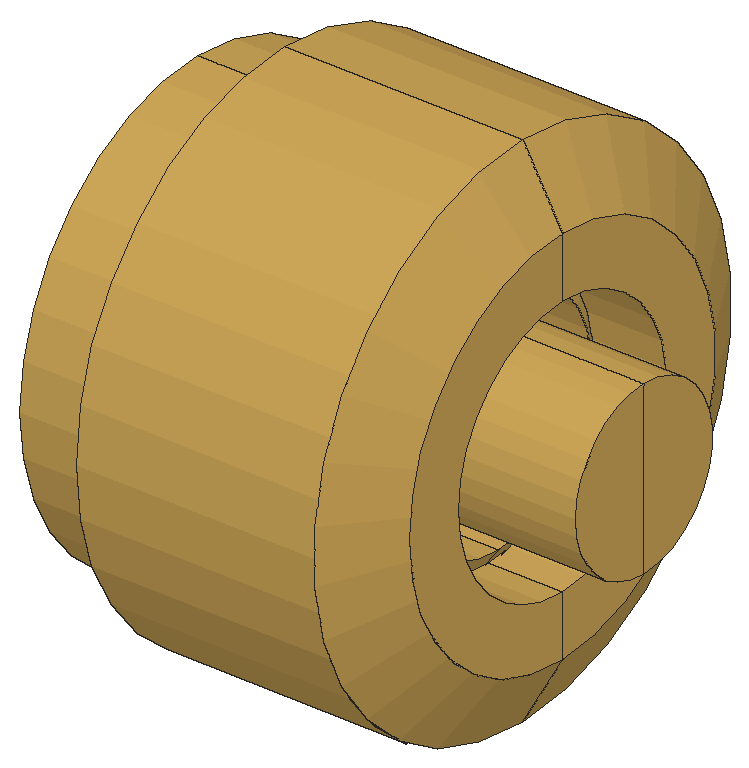
Revit family "6066_Kunststoffrohranschlüsse M 22 x 1,5 für PE-X, PB- und Alu-Verbundrohre", category Rohrformteile, Revit 2021
Family settings
  Bemaßung runder Anschluss = Durchmesser verwenden
  Teiletyp = Verbindung
  OmniClass-Nummer = 23.65.55.14
  OmniClass-Titel = Valves for Liquid Services
  Arbeitsebenenbasiert = Nein
  Immer vertikal = Ja
  Beim Laden mit Abzugskörper schneiden = Nein
  Gemeinsam genutzt = Nein
Parameters (values of type "14x2.0")
  W01 = 30.00°  # constant formula
  Vorgabe-Ansicht = 0.000 mm
  URL = "www.herz-armaturen.at"
  Tülle = "CW617N"  # constant formula
  TL04 [instance] = if(Nennweite_Klein = 14.000 mm, 17.600 mm, if(Nennweite_Klein = 16.000 mm, 17.600 mm, if(Nennweite_Klein = 17.000 mm, 17.600 mm, 0.000 mm)))  # 17.600 mm
  TL03 [instance] = if(Nennweite_Klein = 14.000 mm, 0.800 mm, if(Nennweite_Klein = 16.000 mm, 4.700 mm, if(Nennweite_Klein = 17.000 mm, 4.700 mm, 0.000 mm)))  # 0.800 mm
  TL02 [instance] = if(Nennweite_Klein = 14.000 mm, 10.000 mm, if(Nennweite_Klein = 16.000 mm, 12.500 mm, if(Nennweite_Klein = 17.000 mm, 12.500 mm, 0.000 mm)))  # 10.000 mm
  TL01 [instance] = if(Nennweite_Klein = 14.000 mm, 4.000 mm, if(Nennweite_Klein = 16.000 mm, 4.000 mm, if(Nennweite_Klein = 17.000 mm, 4.000 mm, 0.000 mm)))  # 4.000 mm
  TL00 [instance] = if(Nennweite_Klein = 14.000 mm, 25.000 mm, if(Nennweite_Klein = 16.000 mm, 27.500 mm, if(Nennweite_Klein = 17.000 mm, 27.500 mm, 0.000 mm)))  # 25.000 mm
  TD04 [instance] = if(Nennweite_Klein = 14.000 mm, 4.900 mm, if(Nennweite_Klein = 16.000 mm, 5.900 mm, if(Nennweite_Klein = 17.000 mm, 6.900 mm, 0.000 mm)))  # 4.900 mm
  TD03 [instance] = if(Nennweite_Klein = 14.000 mm, 7.250 mm, if(Nennweite_Klein = 16.000 mm, 8.150 mm, if(Nennweite_Klein = 17.000 mm, 8.650 mm, 0.000 mm)))  # 7.250 mm
  TD02 [instance] = if(Nennweite_Klein = 14.000 mm, 8.460 mm, if(Nennweite_Klein = 16.000 mm, 9.650 mm, if(Nennweite_Klein = 17.000 mm, 10.150 mm, 0.000 mm)))  # 8.460 mm
  TD01 [instance] = if(Nennweite_Klein = 14.000 mm, 9.500 mm, if(Nennweite_Klein = 16.000 mm, 11.000 mm, if(Nennweite_Klein = 17.000 mm, 11.000 mm, 0.000 mm)))  # 9.500 mm
  TD00 = 8.950 mm  # constant formula
  SCRNSEQ = "AWI;AWI_TYP=\"1001\";2"
  SCRNCODE = "07;01;02"  # constant formula
  S02 = 5.000 mm  # constant formula
  O-Ring = "EPDM"  # constant formula
  Nennweite_Klein [instance] = if([14x2.0], 14.000 mm, if([16x2.0], 16.000 mm, if([17x2.0], 17.000 mm, 0.000 mm)))  # 14.000 mm
  Nennweite = 20.000 mm  # constant formula
  Mutter = "CW617N, vernickelt, M22x1.5"  # constant formula
  Medium = "Heizungswasser nach ÖNORM H5195 oder VDI- Richtlinie 2035.\r\nDie Verwendung von Ethylen- oder Propyleneglykol in einem Mischungsverhältnis 25-50% ist zulässig."
  Max. Betriebstemperatur = 95 °C  # constant formula
  Max. Betriebsdruck = 1000000.0 Pa  # constant formula
  ML03 = 5.000 mm  # constant formula
  ML02 [instance] = if(Nennweite_Klein = 14.000 mm, 16.000 mm, if(Nennweite_Klein = 16.000 mm, 16.000 mm, if(Nennweite_Klein = 17.000 mm, 16.000 mm, 0.000 mm)))  # 16.000 mm
  ML01 [instance] = TL02 + KL01  # 15.300 mm
  ML00 [instance] = if(Nennweite_Klein = 14.000 mm, 21.000 mm, if(Nennweite_Klein = 16.000 mm, 21.000 mm, if(Nennweite_Klein = 17.000 mm, 21.000 mm, 0.000 mm)))  # 21.000 mm
  MD04 = 12.800 mm  # constant formula
  MD03 = 11.000 mm  # constant formula
  MD02 [instance] = if(Nennweite_Klein = 14.000 mm, 7.500 mm, if(Nennweite_Klein = 16.000 mm, 7.500 mm, if(Nennweite_Klein = 17.000 mm, 7.500 mm, 0.000 mm)))  # 7.500 mm
  MD01 = 10.250 mm  # constant formula
  MD00 [instance] = if(Nennweite_Klein = 14.000 mm, 15.000 mm, if(Nennweite_Klein = 16.000 mm, 15.000 mm, if(Nennweite_Klein = 17.000 mm, 15.000 mm, 0.000 mm)))  # 15.000 mm
  Klemmring = "CW617N"  # constant formula
  KL02 [instance] = (KL00 - KL01) / 2  # 1.350 mm
  KL01 [instance] = if(Nennweite_Klein = 14.000 mm, 5.300 mm, if(Nennweite_Klein = 16.000 mm, 5.300 mm, if(Nennweite_Klein = 17.000 mm, 5.300 mm, 0.000 mm)))  # 5.300 mm
  KL00 = 8.000 mm  # constant formula
  KH00 [instance] = if(Nennweite_Klein = 14.000 mm, 1.850 mm, if(Nennweite_Klein = 16.000 mm, 1.800 mm, if(Nennweite_Klein = 17.000 mm, 1.800 mm, 0.000 mm)))  # 1.850 mm
  Hinweiß zum Werkstoff = "Gemäß Art 33 der REACH-Verordnung (EG Nr. 1907/2006) sind wir verpflichtet, darauf hinzuweisen, dass der Stoff Blei auf der SVHC-Liste geführt wird und dass alle aus Messing bestehenden Bauteile, die in unseren Erzeugnissen verarbeitet sind, mehr als 0,1 % (w/w) Blei (CAS: 7439-92-1 / EINECS: 231-100-4) enthalten.\r\nDa Blei als Legierungsbestandteil fest gebunden ist, sind keine Expositionen zu erwarten und daher sind keine zusätzlichen Angaben zur sicheren Verwendung notwendig."
  Hersteller = "HERZ Armaturen Ges.m.b.H."  # constant formula
  Bestellnummer [instance] = if(Nennweite_Klein = 14.000 mm, 1606602, if(Nennweite_Klein = 16.000 mm, 1606603, if(Nennweite_Klein = 17.000 mm, 1606604, 0)))  # 1606602
  Ausführung = "6066 M22x1,5mm - 14, 16 und 17mm:\r\nKunststoffrohranschluss mit Doppel-O-Ring, bestehend aus Schlauchtülle mit Konus, Schlauchklemmring und Überwurfmutter M22x1,5"
  Anwendungsgebiet = "Die Kunststoffrohranschlüsse sind geeignet für Heizungsinstallationen der Anwendungsklassen 1,2, 4 und 5, gemäß ISO 10508, für Rohre aus PE-X (EN ISO 15875) und PE-RT (EN ISO 22391), sowie für Kunststoff-Metall-Verbundrohre (EN ISO 21003).\r\nDie Vorgaben der Rohrhersteller bezüglich Druck und Temperatur sind zu beachten.\r\nDer Kunststoffrohranschluss stellt eine absolut sichere Verbindung zwischen Rohr und Ventilgehäuse dar.\r\nDiese Verbindung kann bei Bedarf jederzeit gelöst werden.\r\nEine einwandfreie Dichtheit ist auf Dauer nur dann gegeben, wenn die Montage ordnungsgemäß nach HERZ-Montageanleitung durchgeführt wurde."
  17x2.0 = no
  16x2.0 = no
  14x2.0 = yes
Types (4, lengths in mm): name | TL03 | TL02 | TL00 | TD04 | TD03 | TD02 | TD01 | Nennweite_Klein | ML01 | KH00 | Bestellnummer | 17x2.0 | 16x2.0 | 14x2.0
  (no name) | 0.800 | 10.000 | 25.000 | 4.900 | 7.250 | 8.460 | 9.500 | 14.000 | 15.300 | 1.850 | 1606602 | no | no | yes
  14x2.0 | 0.800 | 10.000 | 25.000 | 4.900 | 7.250 | 8.460 | 9.500 | 14.000 | 15.300 | 1.850 | 1606602 | no | no | yes
  16x2.0 | 4.700 | 12.500 | 27.500 | 5.900 | 8.150 | 9.650 | 11.000 | 16.000 | 17.800 | 1.800 | 1606603 | no | yes | no
  17x2.0 | 4.700 | 12.500 | 27.500 | 6.900 | 8.650 | 10.150 | 11.000 | 17.000 | 17.800 | 1.800 | 1606604 | yes | no | no
Reference planes
  plane 1 "Mitte (Vorne/hinten)": y = 0
  plane 2: z = 0
  plane 3 "Mitte (Links/rechts)": x = 0
Forms (mm)
  Revolve 1, solid, material "Messing, weicher Gelbton, geschweißt", detail levels fine
    sketch origin (-63.82, 0, 0) x (1, 0, 0) y (0, 0, 1)
      loop
        line (63.82, 0) -> (88.82, 0) -> (88.82, 4.9) -> (71.22, 4.9) -> (71.22, 7.25) -> (73.82, 8.46) -> (73.82, 9.5) -> (73.02, 9.5) -> (67.82, 8.95) -> (63.82, 8.95) -> (63.82, 0)
      axis (63.82, 0) -> (88.82, 0)
    angle from 0 to 360
  Revolve 2, solid, material "Messing, weicher Gelbton, geschweißt", detail levels fine
    sketch origin (-64.32, 0, 0) x (1, 0, 0) y (0, 0, 1)
      loop
        line (63.62, 10.25) -> (79.62, 10.25) -> (79.62, 7.5) -> (84.62, 7.5) -> (84.62, 11) -> (82.31, 15) -> (68.62, 15) -> (68.62, 12.8) -> (63.62, 12.8) -> (63.62, 10.25)
      axis (63.62, 0) -> (84.62, 0)
    angle from 0 to 360
  Revolve 3, solid, material "Messing, weicher Gelbton, geschweißt", detail levels fine
    sketch origin (0, 0, 0) x (1, 0, 0) y (0, 0, 1)
      loop
        line (8.65, 6.61) -> (16.65, 6.61) -> (15.3, 8.46) -> (10, 8.46) -> (8.65, 6.61)
      axis (8.65, 0) -> (16.65, 0)
    angle from 0 to 360
Lines and regions (mm)
  model lines, detail levels coarse+medium
    curve 1: line (5, 0, 15) -> (5, 0, -15)
    curve 2: line (5, 0, -15) -> (10.012, 0, -15)
    curve 3: line (5, 0, 15) -> (10, 0, 15)
    curve 4: line (10.012, 0, -15) -> (5, 0, 0)
    curve 5: line (10, 0, 15) -> (5, 0, 0)
    curve 6: line (0, 0, 0) -> (25, 0, 0)
    curve 7: line (5, 15, 0) -> (5, -15, 0)
    curve 8: line (5, -15, 0) -> (10, -15, 0)
    curve 9: line (10, -15, 0) -> (5, 0, 0)
    curve 10: line (5, 15, 0) -> (10, 15, 0)
    curve 11: line (10, 15, 0) -> (5, 0, 0)
Dimensions and locks
  "TL01": Revolve 1 sketch curve to plane 3 "Mitte (Links/rechts)"
  "TL02": Revolve 1 sketch curve to plane 3 "Mitte (Links/rechts)"
  "TL00": Revolve 1 sketch curve to Revolve 1 sketch curve
  "TL03": Revolve 1 sketch curve to Revolve 1 sketch curve
  "TL04": Revolve 1 sketch curve to Revolve 1 sketch curve
  "TL02": Revolve 3 sketch curve to plane 3 "Mitte (Links/rechts)"
  "KL00": Revolve 3 sketch curve to Revolve 3 sketch curve
  "KH00": Revolve 3 sketch curve to Revolve 3 sketch curve
  "TD02": Revolve 3 sketch curve to plane 2
  "TD04": Revolve 1 sketch curve to plane 2
  "TD03": Revolve 1 sketch curve to plane 2
  "TD02": Revolve 1 sketch curve to plane 2
  "TD01": Revolve 1 sketch curve to plane 2
  "TD00": Revolve 1 sketch curve to plane 2
  "KL01": Revolve 3 sketch curve to Revolve 3 sketch curve
  "KL02": Revolve 3 sketch curve to Revolve 1
  "ML01": Revolve 2 sketch curve to plane 3 "Mitte (Links/rechts)"
  "ML00": Revolve 2 sketch curve to Revolve 2 sketch curve
  "ML02": Revolve 2 sketch curve to Revolve 2 sketch curve
  "MD00": Revolve 2 sketch curve to plane 2
  "MD01": Revolve 2 sketch curve to plane 2
  "MD02": Revolve 2 sketch curve to plane 2
  "MD03": Revolve 2 sketch curve to plane 2
  "MD04": Revolve 2 sketch curve to plane 2
  "ML03": Revolve 2 sketch curve to Revolve 2 sketch curve
  "MD00": curve 3 to plane 2 to curve 2
  "ML03": curve 1 to plane 3 "Mitte (Links/rechts)"
  "S02": curve 1 to curve 5
  "TL00": curve 6 to curve 6
  "ML03": plane 3 "Mitte (Links/rechts)" to curve 7
  "S02": curve 7 to curve 11
  "MD00": curve 8 to plane 1 "Mitte (Vorne/hinten)" to curve 10
  "W01": angle Revolve 2 sketch curve to Revolve 2 sketch curve
  aligned and locked: level to plane 2
Automatic sketch dimensions
  curve 6 to level = 0.000 mm
  curve 6 to plane 3 "Mitte (Links/rechts)" = 0.000 mm
  plane 1 "Mitte (Vorne/hinten)" to curve 9 = 0.000 mm
  plane 1 "Mitte (Vorne/hinten)" to curve 11 = 0.000 mm
  curve 7 to curve 8 = 5.000 mm
  Revolve 1 sketch curve to level = 0.000 mm  (x2)
  Revolve 1 sketch curve to plane 3 "Mitte (Links/rechts)" = 0.000 mm
  Revolve 1 sketch curve to plane 3 "Mitte (Links/rechts)" = 1570.350 mm
  Revolve 1 sketch curve to Revolve 1 sketch curve = 1757.728 mm
  Revolve 2 sketch curve to level = 0.000 mm
  Revolve 2 sketch curve to Revolve 2 sketch curve = 1562.650 mm
  Revolve 2 sketch curve to Revolve 2 sketch curve = 1757.488 mm
  Revolve 3 sketch curve to level = 0.000 mm
  Revolve 3 sketch curve to plane 3 "Mitte (Links/rechts)" = 1506.530 mm
  Revolve 3 sketch curve to Revolve 3 sketch curve = 1825.548 mm
  curve 5 to level = 0.000 mm
  plane 3 "Mitte (Links/rechts)" to curve 4 = 5.000 mm
  plane 3 "Mitte (Links/rechts)" to curve 4 = 10.012 mm
  plane 3 "Mitte (Links/rechts)" to curve 2 = 5.000 mm
  plane 3 "Mitte (Links/rechts)" to curve 3 = 5.000 mm
Connectors
  piping at (15.3, 0, 0), diameter 20, driven by "Nennweite"
    settings: on Revolve 2, index 1, connector inside diameter 609.6 mm, connector length 0.000 mm, flow factor 0, pipe flow 0.0 L/s, pressure drop 0.0 Pa, fitting loss kfactor 0, connector angle 0.00°, fixture units 0, engagement length 0.000 mm, angle of deflection 0.00°, flow configuration 0, flow direction 0, fitting loss method 0, system type 29, joint type 0, gender type 0, connector reference index -1, connector utility 0, adjustable connector no, is connector primary yes, connector description ""
  piping at (7.4, 0, 0), diameter 14, driven by "Nennweite_Klein"
    settings: on Revolve 1, index 2, connector inside diameter 609.6 mm, connector length 0.000 mm, flow factor 0, pipe flow 0.0 L/s, pressure drop 0.0 Pa, fitting loss kfactor 0, connector angle 0.00°, fixture units 0, engagement length 0.000 mm, angle of deflection 0.00°, flow configuration 0, flow direction 0, fitting loss method 0, system type 29, joint type 0, gender type 0, connector reference index -1, connector utility 0, adjustable connector no, is connector primary no, connector description ""
